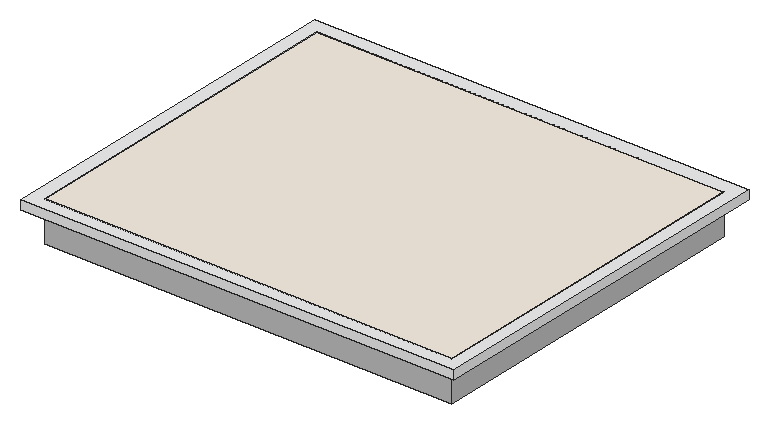
Revit family "Lighting-Industriale-GEWISS-ELIA-HL-LED_RIFLETTORE", category Apparecchi per illuminazione, host Superficie, Revit 2019 (continued)
Types (12, lengths in mm): name | Tensione | Scheda Tecnica | Potenza di sistema | Peso (kg): | Peso (kg) | Ottica | built-in parameter 1150142 | Lumen output (lm) | Modello | IDT | File diagramma fotometrico | Description
    73.99 61.96 50.54 40.24 \r\n31.39 23.89 17.78 12.98 9.52 7.19 5.76 5.33 \r\n4943.60 4943.60 4943.60 4945.30 4945.30 4947.00 4947.85 \r\n4949.55 4951.25 4953.80 4956.35 4958.90 4962.30 4966.55 \r\n4969.95 4974.20 4978.45 4983.55 4988.65 4993.75 4999.70 \r\n5004.80 5009.90 5015.00 5020.95 5026.05 5031.15 5036.25 \r\n5041.35 5046.45 5050.70 5055.80 5060.90 5066.00 5071.10 \r\n5077.05 5082.15 5088.10 5094.05 5100.00 5106.80 5112.75 \r\n5119.55 5127.20 5134.85 5141.65 5150.15 5158.65 5167.15 \r\n5175.65 5184.15 5192.65 5201.15 5207.95 5214.75 5222.40 \r\n5229.20 5234.30 5239.40 5244.50 5249.60 5253.00 5255.55 \r\n5258.95 5260.65 5261.50 5262.35 5262.35 5261.50 5259.80 \r\n5258.10 5254.70 5249.60 5243.65 5237.70 5230.90 5222.40 \r\n5213.05 5202.85 5190.95 5178.20 5164.60 5150.15 5134.85 \r\n5117.85 5099.15 5080.45 5060.05 5039.65 5017.55 4992.90 \r\n4967.40 4939.35 4904.50 4865.40 4819.50 4768.50 4710.70 \r\n4647.80 4578.95 4507.55 4437.00 4364.75 4290.80 4211.75 \r\n4125.05 4032.40 3936.35 3835.20 3730.65 3622.70 3511.35 \r\n3398.30 3288.65 3181.55 3077.00 2975.00 2873.85 2774.40 \r\n2675.80 2578.05 2482.85 2390.20 2296.70 2206.60 2118.20 \r\n2031.50 1945.65 1862.35 1781.60 1704.25 1625.45 1548.53 \r\n1473.81 1401.48 1331.95 1264.20 1196.46 1130.50 1068.28 \r\n1007.93 948.09 889.95 834.87 782.42 733.29 686.88 642.94 \r\n601.29 561.85 524.45 489.17 455.77 424.23 394.06 364.73 \r\n336.35 309.14 282.88 257.21 232.90 211.05 190.31 169.63 \r\n150.09 132.73 116.64 101.13 86.69 73.67 61.69 50.35 40.10 \r\n31.31 23.86 17.78 13.00 9.51 7.16 5.74 5.32 \r\n4943.60 4943.60 4943.60 4945.30 4945.30 4947.00 4947.85 \r\n4949.55 4951.25 4953.80 4956.35 4958.90 4962.30 4965.70 \r\n4970.80 4974.20 4979.30 4983.55 4988.65 4994.60 4999.70 \r\n5004.80 5009.90 5015.00 5020.95 5026.05 5031.15 5036.25 \r\n5041.35 5046.45 5051.55 5055.80 5060.90 5066.00 5071.10 \r\n5076.20 5082.15 5087.25 5094.05 5100.00 5106.80 5112.75 \r\n5119.55 5127.20 5134.00 5142.50 5149.30 5158.65 5167.15 \r\n5175.65 5185.00 5193.50 5201.15 5208.80 5215.60 5223.25 \r\n5229.20 5235.15 5240.25 5244.50 5249.60 5253.00 5255.55 \r\n5258.95 5260.65 5261.50 5263.20 5262.35 5261.50 5259.80 \r\n5257.25 5253.85 5249.60 5243.65 5236.85 5230.05 5221.55 \r\n5212.20 5202.00 5190.10 5178.20 5163.75 5150.15 5133.15 \r\n5116.15 5099.15 5080.45 5060.05 5038.80 5017.55 4993.75 \r\n4968.25 4939.35 4904.50 4865.40 4820.35 4771.05 4712.40 \r\n4649.50 4578.95 4507.55 4436.15 4364.75 4290.80 4211.75 \r\n4125.05 4031.55 3935.50 3834.35 3731.50 3624.40 3512.20 \r\n3400.00 3289.50 3182.40 3077.00 2975.00 2874.70 2775.25 \r\n2675.80 2578.05 2483.70 2390.20 2298.40 2207.45 2119.05 \r\n2032.35 1945.65 1861.50 1782.45 1704.25 1625.96 1548.36 \r\n1472.63 1399.27 1329.40 1261.65 1193.99 1128.38 1066.15 \r\n1005.89 946.13 888.16 832.91 780.55 731.51 685.27 641.41 \r\n599.84 560.41 523.17 488.07 454.83 423.38 393.13 363.88 \r\n335.67 308.55 282.37 256.62 232.39 210.54 189.98 169.20 \r\n149.57 132.16 116.08 100.66 86.32 73.36 61.45 50.17 39.97 \r\n31.23 23.82 17.78 13.02 9.51 7.13 5.71 5.31 \r\n4943.60 4943.60 4943.60 4945.30 4945.30 4947.00 4947.85 \r\n4949.55 4951.25 4953.80 4955.50 4958.90 4962.30 4965.70 \r\n4970.80 4974.20 4979.30 4984.40 4989.50 4994.60 4999.70 \r\n5004.80 5009.90 5015.85 5021.80 5026.90 5032.00 5037.10 \r\n5041.35 5046.45 5051.55 5055.80 5060.90 5066.00 5071.10 \r\n5076.20 5082.15 5087.25 5094.05 5100.00 5105.95 5112.75 \r\n5119.55 5126.35 5134.00 5141.65 5150.15 5158.65 5167.15 \r\n5176.50 5185.00 5193.50 5202.00 5208.80 5216.45 5223.25 \r\n5230.05 5235.15 5240.25 5245.35 5248.75 5253.85 5256.40 \r\n5258.95 5260.65 5261.50 5263.20 5262.35 5261.50 5259.80 \r\n5256.40 5253.00 5249.60 5243.65 5236.85 5228.35 5220.70 \r\n5211.35 5201.15 5190.10 5177.35 5163.75 5149.30 5133.15 \r\n5116.15 5098.30 5078.75 5059.20 5038.80 5016.70 4993.75 \r\n4969.10 4940.20 4905.35 4865.40 4821.20 4771.90 4713.25 \r\n4649.50 4579.80 4507.55 4437.00 4364.75 4289.95 4210.90 \r\n4123.35 4031.55 3933.80 3834.35 3731.50 3624.40 3513.90 \r\n3400.85 3290.35 3181.55 3077.85 2975.85 2874.70 2775.25 \r\n2675.80 2578.90 2484.55 2391.05 2299.25 2207.45 2119.05 \r\n2032.35 1945.65 1861.50 1783.30 1705.10 1626.31 1548.19 \r\n1471.52 1397.31 1327.19 1259.19 1191.87 1126.51 1064.28 \r\n1004.11 944.43 886.55 831.22 778.77 729.89 683.83 640.05 \r\n598.57 559.22 522.07 487.13 453.98 422.45 392.36 363.12 \r\n335.07 308.04 281.94 256.19 231.79 210.12 189.63 168.82 \r\n149.08 131.65 115.58 100.23 85.98 73.08 61.23 50.00 39.86 \r\n31.16 23.78 17.77 13.03 9.50 7.10 5.68 5.30 \r\n4943.60 4943.60 4943.60 4945.30 4945.30 4947.00 4947.00 \r\n4948.70 4951.25 4953.80 4955.50 4958.90 4962.30 4965.70 \r\n4970.80 4974.20 4979.30 4984.40 4989.50 4994.60 4999.70 \r\n5004.80 5009.90 5016.70 5021.80 5026.90 5032.00 5037.10 \r\n5042.20 5046.45 5050.70 5055.80 5060.90 5066.00 5071.10 \r\n5076.20 5081.30 5088.10 5094.05 5100.00 5105.95 5112.75 \r\n5119.55 5126.35 5134.00 5141.65 5150.15 5158.65 5168.00 \r\n5176.50 5185.00 5193.50 5202.00 5208.80 5216.45 5223.25 \r\n5230.05 5235.15 5240.25 5245.35 5249.60 5253.00 5256.40 \r\n5258.95 5261.50 5261.50 5263.20 5262.35 5261.50 5259.80 \r\n5256.40 5253.00 5248.75 5242.80 5236.00 5228.35 5219.85 \r\n5211.35 5201.15 5189.25 5176.50 5163.75 5149.30 5133.15 \r\n5116.15 5097.45 5078.75 5059.20 5037.95 5016.70 4994.60 \r\n4969.10 4940.20 4905.35 4866.25 4822.05 4772.75 4714.10 \r\n4651.20 4580.65 4508.40 4437.00 4363.90 4289.95 4210.05 \r\n4122.50 4029.85 3932.95 3833.50 3731.50 3626.10 3513.90 \r\n3401.70 3290.35 3181.55 3077.85 2975.85 2875.55 2775.25 \r\n2676.65 2579.75 2484.55 2391.90 2300.10 2208.30 2119.90 \r\n2033.20 1946.50 1861.50 1783.30 1705.95 1626.64 1548.11 \r\n1470.59 1395.53 1325.15 1257.23 1190.00 1124.81 1062.76 \r\n1002.58 942.99 885.11 829.77 777.33 728.53 682.55 638.78 \r\n597.38 558.20 521.13 486.29 453.22 421.77 391.60 362.52 \r\n334.48 307.62 281.61 255.76 231.37 209.78 189.38 168.49 \r\n148.67 131.21 115.16 99.88 85.69 72.84 61.03 49.85 39.76 \r\n31.08 23.74 17.77 13.04 9.50 7.07 5.66 5.29 \r\n4943.60 4943.60 4943.60 4945.30 4945.30 4947.00 4947.00 \r\n4948.70 4952.10 4953.80 4955.50 4958.90 4962.30 4965.70 \r\n4970.80 4974.20 4979.30 4984.40 4989.50 4994.60 4999.70 \r\n5004.80 5009.90 5016.70 5021.80 5026.90 5032.00 5037.10 \r\n5042.20 5047.30 5050.70 5055.80 5060.90 5066.00 5071.10 \r\n5076.20 5081.30 5088.10 5093.20 5100.00 5106.80 5111.90 \r\n5118.70 5127.20 5134.00 5142.50 5151.00 5159.50 5168.00 \r\n5176.50 5185.00 5193.50 5202.00 5208.80 5217.30 5224.10 \r\n5229.20 5236.00 5241.10 5244.50 5249.60 5253.00 5256.40 \r\n5259.80 5261.50 5261.50 5263.20 5261.50 5261.50 5259.80 \r\n5256.40 5253.00 5247.90 5242.80 5236.00 5227.50 5219.00 \r\n5210.50 5200.30 5188.40 5176.50 5162.90 5149.30 5132.30 \r\n5115.30 5096.60 5077.90 5057.50 5037.10 5016.70 4994.60 \r\n4969.10 4940.20 4906.20 4867.10 4822.90 4771.90 4715.80 \r\n4651.20 4581.50 4508.40 4437.00 4363.90 4289.10 4210.90 \r\n4122.50 4029.00 3932.10 3833.50 3731.50 3626.10 3515.60 \r\n3401.70 3291.20 3182.40 3078.70 2976.70 2874.70 2776.10 \r\n2677.50 2578.90 2485.40 2391.90 2300.10 2210.00 2119.90 \r\n2033.20 1946.50 1861.50 1783.30 1706.80 1626.90 1547.85 \r\n1469.82 1394.17 1323.45 1255.62 1188.47 1123.53 1061.65 \r\n1001.47 941.80 884.17 828.75 776.22 727.43 681.70 637.84 \r\n596.53 557.43 520.37 485.69 452.71 421.26 391.00 362.10 \r\n334.05 307.36 281.35 255.51 231.03 209.44 189.21 168.23 \r\n148.36 130.87 114.82 99.59 85.46 72.66 60.88 49.74 39.68 \r\n31.04 23.71 17.75 13.04 9.49 7.05 5.64 5.29 \r\n" | "17000" | "GWF1000MM840" | "a2c53262-2789-48e4-8547-ea54356028cc" | "GWF1000MM840.IES" | "ELIA HL M2 120° 4000K S.ALONE ON/OFF"
